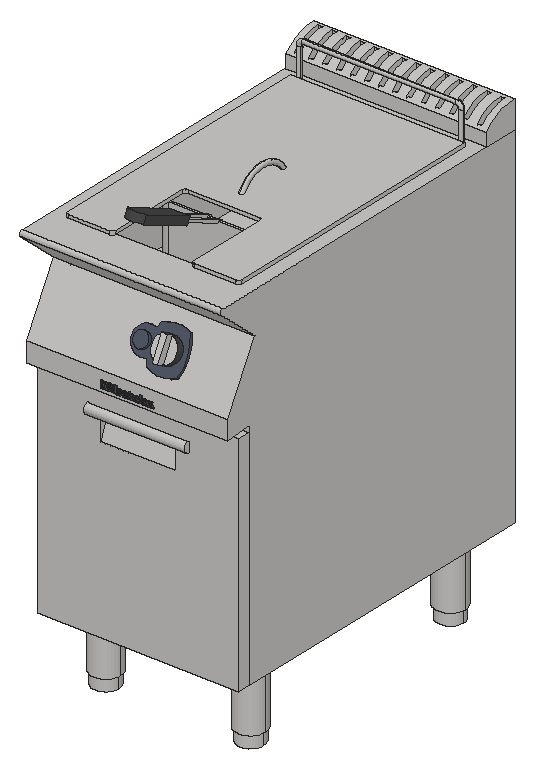
Revit family "QF_ELECTROLUXPROFESSIONAL_371420_E7KKETBAMCI", category Attrezzature speciali, Revit 2018 (continued)
Automatic sketch dimensions
  Extrusion 38 sketch curve to Extrusion 38 sketch curve = 0.964 mm
  Extrusion 38 sketch curve to Extrusion 38 sketch curve = 0.949 mm
  Extrusion 38 sketch curve to Extrusion 38 sketch curve = 1.345 mm  (x2)
  Extrusion 38 sketch curve to Extrusion 38 sketch curve = 0.137 mm  (x2)
  Extrusion 38 sketch curve to Extrusion 38 sketch curve = 0.432 mm
  Extrusion 38 sketch curve to Extrusion 38 sketch curve = 1.142 mm
  Extrusion 38 sketch curve to Extrusion 38 sketch curve = 0.959 mm
  Extrusion 38 sketch curve to Extrusion 38 sketch curve = 0.176 mm
  Extrusion 38 sketch curve to Extrusion 38 sketch curve = 0.728 mm
  Extrusion 38 sketch curve to Extrusion 38 sketch curve = 3.375 mm  (x2)
  Extrusion 38 sketch curve to Extrusion 38 sketch curve = 1.905 mm
  Extrusion 38 sketch curve to Extrusion 38 sketch curve = 0.955 mm
  Extrusion 38 sketch curve to Extrusion 38 sketch curve = 1.251 mm
  Extrusion 38 sketch curve to Extrusion 38 sketch curve = 0.572 mm
  Extrusion 38 sketch curve to Extrusion 38 sketch curve = 1.92 mm
  Extrusion 38 sketch curve to Extrusion 38 sketch curve = 1.224 mm
  Extrusion 38 sketch curve to Extrusion 38 sketch curve = 0.745 mm
  Extrusion 38 sketch curve to Extrusion 38 sketch curve = 2.537 mm
  Extrusion 38 sketch curve to Extrusion 38 sketch curve = 0.896 mm  (x3)
  Extrusion 38 sketch curve to Extrusion 38 sketch curve = 0.036 mm
  Extrusion 38 sketch curve to Extrusion 38 sketch curve = 2.607 mm
  Extrusion 38 sketch curve to Extrusion 38 sketch curve = 0.066 mm
  Extrusion 38 sketch curve to Extrusion 38 sketch curve = 0.248 mm
  Extrusion 38 sketch curve to Extrusion 38 sketch curve = 0.449 mm
  Extrusion 38 sketch curve to Extrusion 38 sketch curve = 1.052 mm
  Extrusion 38 sketch curve to Extrusion 38 sketch curve = 1.863 mm
  Extrusion 38 sketch curve to Extrusion 38 sketch curve = 1.31 mm  (x2)
  Extrusion 38 sketch curve to Extrusion 38 sketch curve = 0.901 mm
  Extrusion 38 sketch curve to Extrusion 38 sketch curve = 1.107 mm
  Extrusion 38 sketch curve to Extrusion 38 sketch curve = 2.122 mm
  Extrusion 38 sketch curve to Extrusion 38 sketch curve = 2.101 mm
  Extrusion 38 sketch curve to Extrusion 38 sketch curve = 0.106 mm
  Extrusion 38 sketch curve to Extrusion 38 sketch curve = 0.029 mm
  Extrusion 38 sketch curve to Extrusion 38 sketch curve = 2.09 mm
  Extrusion 38 sketch curve to Extrusion 38 sketch curve = 1.279 mm
  Extrusion 38 sketch curve to Extrusion 38 sketch curve = 2.008 mm
  Extrusion 38 sketch curve to Extrusion 38 sketch curve = 0.738 mm
  Extrusion 38 sketch curve to Extrusion 38 sketch curve = 0.382 mm
  Extrusion 38 sketch curve to Extrusion 38 sketch curve = 0.384 mm
  Extrusion 38 sketch curve to Extrusion 38 sketch curve = 0.002 mm
  Extrusion 38 sketch curve to Extrusion 38 sketch curve = 0.561 mm
  Extrusion 38 sketch curve to Extrusion 38 sketch curve = 0.592 mm
  Extrusion 38 sketch curve to Extrusion 38 sketch curve = 2.692 mm
  Extrusion 38 sketch curve to Extrusion 38 sketch curve = 1.259 mm
  Extrusion 38 sketch curve to Extrusion 38 sketch curve = 0.802 mm
  Extrusion 38 sketch curve to Extrusion 38 sketch curve = 1.024 mm  (x2)
  Extrusion 38 sketch curve to Extrusion 38 sketch curve = 0.682 mm
  Extrusion 38 sketch curve to Extrusion 38 sketch curve = 5.934 mm
  Extrusion 38 sketch curve to Extrusion 38 sketch curve = 2.186 mm
  Extrusion 38 sketch curve to Extrusion 38 sketch curve = 0.337 mm
  Extrusion 38 sketch curve to Extrusion 38 sketch curve = 0.021 mm
  Extrusion 38 sketch curve to Extrusion 38 sketch curve = 1.005 mm
  Extrusion 38 sketch curve to Extrusion 38 sketch curve = 0.552 mm
  Extrusion 38 sketch curve to Extrusion 38 sketch curve = 0.778 mm
  Extrusion 38 sketch curve to Extrusion 38 sketch curve = 0.063 mm
  Extrusion 38 sketch curve to Extrusion 38 sketch curve = 1.023 mm
  Extrusion 38 sketch curve to Extrusion 38 sketch curve = 3.804 mm
  Extrusion 38 sketch curve to Extrusion 38 sketch curve = 0.486 mm
  Extrusion 38 sketch curve to Extrusion 38 sketch curve = 0.266 mm  (x2)
  Extrusion 38 sketch curve to Extrusion 38 sketch curve = 1.547 mm
  Extrusion 38 sketch curve to Extrusion 38 sketch curve = 0.717 mm  (x2)
  Extrusion 38 sketch curve to Extrusion 38 sketch curve = 1.667 mm
  Extrusion 38 sketch curve to Extrusion 38 sketch curve = 3.174 mm
  Extrusion 38 sketch curve to plane 7 "Center Y" = 0.741 mm
  Extrusion 38 sketch curve to Extrusion 38 sketch curve = 0.388 mm
  Extrusion 38 sketch curve to Extrusion 38 sketch curve = 1.342 mm
  Extrusion 38 sketch curve to Extrusion 38 sketch curve = 1.521 mm
  Extrusion 38 sketch curve to Extrusion 38 sketch curve = 0.124 mm
  Extrusion 38 sketch curve to Extrusion 38 sketch curve = 0.291 mm
  plane 7 "Center Y" to Extrusion 38 sketch curve = 6.176 mm
  Extrusion 38 sketch curve to Extrusion 38 sketch curve = 1.049 mm  (x2)
  Extrusion 38 sketch curve to Extrusion 38 sketch curve = 1.7 mm
  Extrusion 38 sketch curve to Extrusion 38 sketch curve = 0.894 mm
  Extrusion 38 sketch curve to Extrusion 38 sketch curve = 0.989 mm
  Extrusion 38 sketch curve to Extrusion 38 sketch curve = 1.168 mm
  Extrusion 38 sketch curve to Extrusion 38 sketch curve = 1.594 mm
  Extrusion 38 sketch curve to Extrusion 38 sketch curve = 0.731 mm
  Extrusion 38 sketch curve to Extrusion 38 sketch curve = 1.566 mm
  Extrusion 38 sketch curve to Extrusion 38 sketch curve = 0.064 mm
  plane 7 "Center Y" to Extrusion 38 sketch curve = 6.733 mm
  Extrusion 38 sketch curve to Extrusion 38 sketch curve = 0.556 mm  (x2)
  Extrusion 38 sketch curve to Extrusion 38 sketch curve = 0.48 mm
  Extrusion 38 sketch curve to Extrusion 38 sketch curve = 1.018 mm
  Extrusion 38 sketch curve to Extrusion 38 sketch curve = 0.787 mm
  Extrusion 38 sketch curve to Extrusion 38 sketch curve = 0.618 mm
  Extrusion 38 sketch curve to Extrusion 38 sketch curve = 1.672 mm
  Extrusion 38 sketch curve to Extrusion 38 sketch curve = 1.361 mm
  Extrusion 38 sketch curve to Extrusion 38 sketch curve = 0.822 mm
  Extrusion 38 sketch curve to Extrusion 38 sketch curve = 0.069 mm
  Extrusion 38 sketch curve to Extrusion 38 sketch curve = 1.88 mm
  Extrusion 38 sketch curve to Extrusion 38 sketch curve = 0.42 mm
  Extrusion 38 sketch curve to Extrusion 38 sketch curve = 0.062 mm
  Extrusion 38 sketch curve to Extrusion 38 sketch curve = 1.355 mm
  Extrusion 38 sketch curve to Extrusion 38 sketch curve = 2.34 mm
  Extrusion 38 sketch curve to Extrusion 38 sketch curve = 0.493 mm
  Extrusion 38 sketch curve to Extrusion 38 sketch curve = 0.136 mm
  Extrusion 38 sketch curve to Extrusion 38 sketch curve = 0.128 mm
  Extrusion 38 sketch curve to Extrusion 38 sketch curve = 3.616 mm
  Extrusion 38 sketch curve to Extrusion 38 sketch curve = 4.207 mm
  Extrusion 38 sketch curve to Extrusion 38 sketch curve = 0.183 mm
  Extrusion 38 sketch curve to Extrusion 38 sketch curve = 0.895 mm
  Extrusion 38 sketch curve to Extrusion 38 sketch curve = 1.314 mm
  Extrusion 38 sketch curve to Extrusion 38 sketch curve = 3.231 mm
  Extrusion 38 sketch curve to Extrusion 38 sketch curve = 1.299 mm
  Extrusion 38 sketch curve to Extrusion 38 sketch curve = 1.214 mm
  Extrusion 38 sketch curve to Extrusion 38 sketch curve = 1.264 mm
  Extrusion 38 sketch curve to Extrusion 38 sketch curve = 0.109 mm
  Extrusion 38 sketch curve to Extrusion 38 sketch curve = 0.357 mm
  Extrusion 38 sketch curve to Extrusion 38 sketch curve = 0.565 mm
  Extrusion 38 sketch curve to Extrusion 38 sketch curve = 2.504 mm
  Extrusion 38 sketch curve to Extrusion 38 sketch curve = 2.459 mm
  Extrusion 38 sketch curve to Extrusion 38 sketch curve = 1.322 mm
  Extrusion 38 sketch curve to Extrusion 38 sketch curve = 2.77 mm
  Extrusion 38 sketch curve to Extrusion 38 sketch curve = 2.51 mm
  Extrusion 38 sketch curve to Extrusion 38 sketch curve = 0.187 mm
  Extrusion 38 sketch curve to Extrusion 38 sketch curve = 2.559 mm
  Extrusion 38 sketch curve to Extrusion 38 sketch curve = 1.556 mm
  Extrusion 38 sketch curve to Extrusion 38 sketch curve = 0.222 mm
  Extrusion 38 sketch curve to Extrusion 38 sketch curve = 1.383 mm
  Extrusion 38 sketch curve to Extrusion 38 sketch curve = 3.114 mm
  Extrusion 38 sketch curve to Extrusion 38 sketch curve = 3.376 mm
  Extrusion 38 sketch curve to Extrusion 38 sketch curve = 0.934 mm
  Extrusion 38 sketch curve to Extrusion 38 sketch curve = 0.191 mm
  Extrusion 38 sketch curve to Extrusion 38 sketch curve = 3.696 mm
  Extrusion 38 sketch curve to Extrusion 38 sketch curve = 2.708 mm
  Extrusion 38 sketch curve to Extrusion 38 sketch curve = 3.333 mm
  Extrusion 38 sketch curve to Extrusion 38 sketch curve = 0.332 mm
  Extrusion 38 sketch curve to Extrusion 38 sketch curve = 1.087 mm
  Extrusion 38 sketch curve to Extrusion 38 sketch curve = 2.23 mm
  Extrusion 38 sketch curve to Extrusion 38 sketch curve = 2.757 mm
  Extrusion 38 sketch curve to Extrusion 38 sketch curve = 0.987 mm
  Extrusion 38 sketch curve to Extrusion 38 sketch curve = 1.529 mm
  Extrusion 38 sketch curve to Extrusion 38 sketch curve = 1.796 mm
  Extrusion 38 sketch curve to Extrusion 38 sketch curve = 2.859 mm
  Extrusion 38 sketch curve to Extrusion 38 sketch curve = 0.853 mm
  Extrusion 38 sketch curve to Extrusion 38 sketch curve = 1.241 mm
  Extrusion 38 sketch curve to Extrusion 38 sketch curve = 2.046 mm  (x2)
  Extrusion 38 sketch curve to Extrusion 38 sketch curve = 2.422 mm
  Extrusion 38 sketch curve to Extrusion 38 sketch curve = 0.27 mm  (x2)
  Extrusion 38 sketch curve to Extrusion 38 sketch curve = 0.69 mm
  Extrusion 38 sketch curve to Extrusion 38 sketch curve = 0.781 mm  (x2)
  Extrusion 38 sketch curve to Extrusion 38 sketch curve = 3.136 mm
  Extrusion 38 sketch curve to Extrusion 38 sketch curve = 1.767 mm
  Extrusion 38 sketch curve to Extrusion 38 sketch curve = 0.138 mm
  Extrusion 38 sketch curve to Extrusion 38 sketch curve = 0.777 mm
  Extrusion 38 sketch curve to Extrusion 38 sketch curve = 1.19 mm
  Extrusion 38 sketch curve to Extrusion 38 sketch curve = 0.782 mm
  Extrusion 38 sketch curve to Extrusion 38 sketch curve = 1.268 mm
  Extrusion 38 sketch curve to Extrusion 38 sketch curve = 0.422 mm  (x2)
  Extrusion 38 sketch curve to Extrusion 38 sketch curve = 1.559 mm
  Extrusion 38 sketch curve to Extrusion 38 sketch curve = 3.927 mm
  Extrusion 38 sketch curve to Extrusion 38 sketch curve = 0.983 mm
  Extrusion 38 sketch curve to Extrusion 38 sketch curve = 1.134 mm
  Extrusion 38 sketch curve to Extrusion 38 sketch curve = 0.094 mm
  Extrusion 38 sketch curve to Extrusion 38 sketch curve = 1.584 mm
  Extrusion 38 sketch curve to Extrusion 38 sketch curve = 0.643 mm
  Extrusion 38 sketch curve to Extrusion 38 sketch curve = 0.916 mm
  Extrusion 38 sketch curve to Extrusion 38 sketch curve = 0.352 mm
  Extrusion 38 sketch curve to Extrusion 38 sketch curve = 0.458 mm
  Extrusion 38 sketch curve to Extrusion 38 sketch curve = 1.282 mm
  Extrusion 38 sketch curve to Extrusion 38 sketch curve = 1.363 mm
  Extrusion 38 sketch curve to Extrusion 38 sketch curve = 0.685 mm
  Extrusion 38 sketch curve to Extrusion 38 sketch curve = 0.905 mm
  Extrusion 38 sketch curve to Extrusion 38 sketch curve = 2.865 mm
  Extrusion 38 sketch curve to Extrusion 38 sketch curve = 0.472 mm
  Extrusion 38 sketch curve to Extrusion 38 sketch curve = 0.101 mm
  Extrusion 38 sketch curve to Extrusion 38 sketch curve = 0.54 mm
  Extrusion 38 sketch curve to Extrusion 38 sketch curve = 0.02 mm
  Extrusion 38 sketch curve to Extrusion 38 sketch curve = 0.468 mm
  Extrusion 38 sketch curve to Extrusion 38 sketch curve = 0.829 mm
  Extrusion 38 sketch curve to Extrusion 38 sketch curve = 0.582 mm
  Extrusion 38 sketch curve to Extrusion 38 sketch curve = 0.166 mm
  Extrusion 38 sketch curve to Extrusion 38 sketch curve = 0.16 mm
  Extrusion 38 sketch curve to Extrusion 38 sketch curve = 2.781 mm
  Extrusion 38 sketch curve to Extrusion 38 sketch curve = 1.118 mm
  Extrusion 38 sketch curve to Extrusion 38 sketch curve = 0.613 mm
  Extrusion 38 sketch curve to Extrusion 38 sketch curve = 0.361 mm
  Extrusion 38 sketch curve to Extrusion 38 sketch curve = 0.897 mm
  Extrusion 38 sketch curve to Extrusion 38 sketch curve = 0.167 mm
  Extrusion 38 sketch curve to Extrusion 38 sketch curve = 0.292 mm
  Extrusion 38 sketch curve to Extrusion 38 sketch curve = 0.305 mm
  Extrusion 38 sketch curve to Extrusion 38 sketch curve = 1.557 mm
  Extrusion 38 sketch curve to Extrusion 38 sketch curve = 2.499 mm
  Extrusion 38 sketch curve to Extrusion 38 sketch curve = 3.062 mm
  Extrusion 38 sketch curve to Extrusion 38 sketch curve = 2.968 mm
  Extrusion 38 sketch curve to Extrusion 38 sketch curve = 5.044 mm
  Extrusion 38 sketch curve to Extrusion 38 sketch curve = 0.629 mm  (x2)
  Extrusion 38 sketch curve to Extrusion 38 sketch curve = 1.131 mm
  Extrusion 38 sketch curve to Extrusion 38 sketch curve = 0.027 mm
  Extrusion 38 sketch curve to Extrusion 38 sketch curve = 2.235 mm
  radius of Sweep 5 sketch curve = 4.353 mm
  radius of Sweep 6 sketch curve = 3.827 mm
  radius of Extrusion 22 sketch curve = 25.4 mm
  radius of Extrusion 23 sketch curve to Extrusion 22 = 0 mm  (x2)
  radius of Extrusion 36 sketch curve = 6.35 mm
  radius of Extrusion 37 sketch curve = 15 mm
Connectors
  piping at (348, -505, 137.3), diameter 12.8
    settings: on Extrusion 36, index 1, connector inside diameter 0.50394", connector length 0 mm, flow factor 0, pipe flow 0 GPM, pressure drop 0.00 psi, fitting loss kfactor 0, connector angle 0.00°, fixture units 0, engagement length 0 mm, angle of deflection 0.00°, flow configuration 1, flow direction 1, fitting loss method 0, system type 7, joint type 0, gender type 0, connector reference index -1, connector utility 0, adjustable connector no, is connector primary yes, connector description "Gas Inlet"
Types (2, lengths in mm): name | URL | Modello | Produttore | Gas Size | Descrizione
  (no name) | "www.electrolux.com/foodservice" | "371070" | "ELECTROLUX" | 0" | "700XP One 15 Lt. Wells Freestanding Gas Fryer - LPG/Natural Gas"
  Standard | "https://www.electroluxprofessional.com/" | "E7KKETBAMCI" | "Electrolux Professional" | 1/2" | "15 LITRE GAS FRYER 400MM - QMARK"
